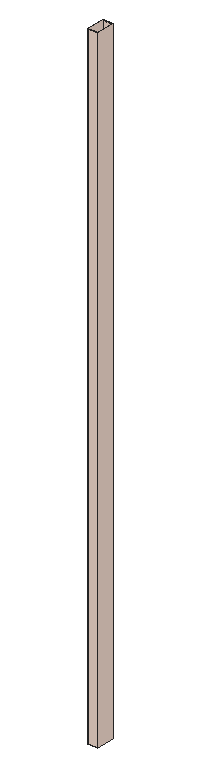
Revit family "SQ-BAR4590", category 機械設備, Revit 2020
Family settings
  丸型コネクタ寸法 = 直径を使用
  種別 = なし
  パーツ タイプ = 標準
  作業面ベース = いいえ
  常に垂直 = はい
  ロード時にボイドで切り取り = いいえ
  共有 = いいえ
  部屋計算ポイント = いいえ
Parameters
  製造元 = "株式会社桐井製作所"
  既定の高さ = 0 mm
  URL = "https://www.kirii.co.jp/"
  K_長さ(mm) [instance] = 3000 mm
  K_材質 = "SGCC　一般用"
  K_断面積A(mm2) = 124
  K_断面係数Zy(mm3) = 2029
  K_断面係数Zx(mm3) = 2880
  K_断面2次半径iy(mm) = 19.7
  K_断面2次半径ix(mm) = 32.3
  K_断面2次モーメントIy(mm4) = 47990
  K_断面2次モーメントIx(mm4) = 129600
  K_外形寸法(mm) = "□45×90"
  K_品名 = "SQ-BAR4590"
  K_名称 = "角型スタッド"
  K_単位質量(kg/m) = 1.009
  K_ヤング係数E(N/mm2) = 205000
  K_バージョン情報 = "20210524"
  K_めっき付着量 = "Z08"
  K_JIS規格 = "JIS G 3302"
Reference planes
  plane 1 "中心(正面/背面)": y = 0
  plane 2: z = 0
  plane 3 "中心(左/右)": x = 0
  plane 4: x = 22.5
  plane 5: x = -22.5
  plane 6: y = 45
  plane 7: z = 3000
  plane 8: y = -45
Forms (mm)
  Extrusion 1, solid
    sketch origin (0.5, -20, 0) x (1, 0, 0) y (0, 1, 0)
      loop
        line (-23, 65) -> (-23, -25) -> (22, -25) -> (22, 65) -> (-23, 65)
      loop
        line (-22.5, 64.5) -> (-22.5, -24.5) -> (21.5, -24.5) -> (21.5, 64.5) -> (-22.5, 64.5)
    from 0 to 3000
Dimensions and locks
  locked: Extrusion 1 sketch curve to Extrusion 1 sketch curve at 0.5  (x4)
  "K_長さ(mm)": plane 7 to level
  aligned and locked: level to plane 2
  aligned and locked: Extrusion 1 sketch curve to plane 6
  aligned and locked: plane 7 to Extrusion 1
  aligned and locked: plane 6 to Extrusion 1
  aligned and locked: Extrusion 1 to plane 8
  aligned and locked: Extrusion 1 to plane 5
  aligned and locked: plane 4 to Extrusion 1
Automatic sketch dimensions
  Extrusion 1 sketch curve to plane 4 = 0.5 mm
  plane 5 to Extrusion 1 sketch curve = 0.5 mm
  plane 1 "中心(正面/背面)" to Extrusion 1 sketch curve = 44.5 mm
